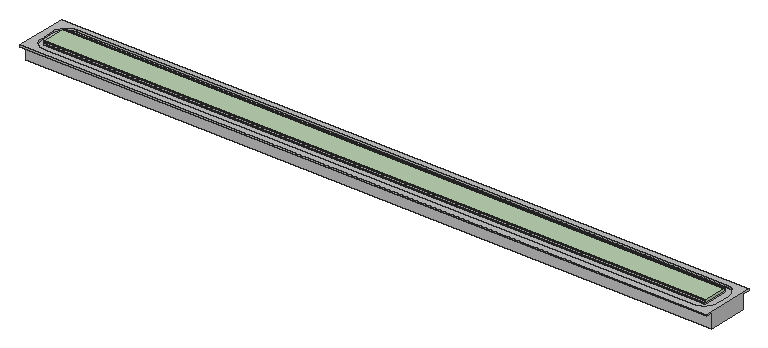
Revit family "Drain-Linear_Tile_Noble_FreeStyle", category Plumbing Fixtures, host Face, Revit 2017
Family settings
  Host = Face
  Round Connector Dimension = Use Diameter
  Part Type = Normal
  OmniClass Number = 23.45.55.21
  OmniClass Title = Drains (Wastes)
  Cut with Voids When Loaded = No
  Shared = No
  Room Calculation Point = No
Parameters (values of type "60in PVC")
  Weight = "10 lbs"
  URL = "www.noblecompany.com"
  Type Comments = ""
  Tile [instance] = Tile
  Product Properties = "http://www.noblecompany.com/Portals/0/PRODUCT%20INFO/Product%20Descriptions/FreeStyle%20Linear%20Drain%20Product%20Decription%200410.pdf"
  Product Data = "http://www.noblecompany.com/Products/ShowerProducts/tabid/59/Default.aspx"
  Plate = Stainless Steel - Brushed
  Model = "Freestyle 60 PVC - Wave"
  Manufacturer Phone - Toll Free = "800-878-5788"
  Manufacturer Phone = "231-799-8000"
  Manufacturer Fax = "231-799-8850"
  Manufacturer Email = "mailto:sales@noblecompany.com"
  Manufacturer Address = "7300 Enterprise Drive, Spring Lake, MI  49456 USA"
  Manufacturer = "Noble Company"
  Installation-Fabrication = "http://www.noblecompany.com/Portals/0/PRODUCT%20INFO/Product%20Descriptions/FreeStyle%20Linear%20Drain%20Product%20Decription%200410.pdf"
  GPM = 0 GPM
  Description = "Freestyle 60 PVC - Wave Linear Drain"
  Building Codes = "http://www.noblecompany.com/Portals/0/TECHNICAL%20INFO/Listing_Testing_Certification_Reports/PMG-1065%20Noble%20Company%20Linear%20Drain%20final%202.pdf"
  Base = PVC
  B = 57 3/4"
  Assembly Code = "D2030300"
  A = 60"
  Default Elevation = 0"
  D = 1 5/8"
  C = 33 3/4"
Types (14): name | Tile | Model | Description | Base | B | A | D | C
  24in ABS | Stainless Steel - Brushed | "Freestyle 24 ABS - Wave" | "Freestyle 24 ABS - Wave Linear Drain" | ABS | 21 3/4" | 24" | 1 1/4" | 15 3/4"
  32in ABS | Stainless Steel - Brushed | "Freestyle 32 ABS - Wave" | "Freestyle 32 ABS - Wave Linear Drain" | ABS | 29 3/4" | 32" | 1 3/8" | 19 1/2"
  36in ABS | Stainless Steel - Brushed | "Freestyle 36 ABS - Wave" | "Freestyle 36 ABS - Wave Linear Drain" | ABS | 33 3/4" | 36" | 1 3/8" | 21 3/4"
  40in ABS | Stainless Steel - Brushed | "Freestyle 40 ABS - Wave" | "Freestyle 40 ABS - Wave Linear Drain" | ABS | 37 3/4" | 40" | 1 7/16" | 23 3/4"
  48in ABS | Stainless Steel - Brushed | "Freestyle 48 ABS - Wave" | "Freestyle 48 ABS - Wave Linear Drain" | ABS | 45 3/4" | 48" | 1 1/2" | 27 3/4"
  54in ABS | Stainless Steel - Brushed | "Freestyle 54 ABS - Wave" | "Freestyle 54 ABS - Wave Linear Drain" | ABS | 51 3/4" | 54" | 1 9/16" | 30 3/4"
  60in ABS | Stainless Steel - Brushed | "Freestyle 60 ABS - Wave" | "Freestyle 60 ABS - Wave Linear Drain" | ABS | 57 3/4" | 60" | 1 5/8" | 33 3/4"
  24in PVC | Stainless Steel - Brushed | "Freestyle 24 PVC - Wave" | "Freestyle 24 PVC - Wave Linear Drain" | PVC | 21 3/4" | 24" | 1 1/4" | 15 3/4"
  32in PVC | Stainless Steel - Brushed | "Freestyle 32 PVC - Wave" | "Freestyle 32 PVC - Wave Linear Drain" | PVC | 29 3/4" | 32" | 1 3/8" | 19 1/2"
  36in PVC | Stainless Steel - Brushed | "Freestyle 36 PVC - Wave" | "Freestyle 36 PVC - Wave Linear Drain" | PVC | 33 3/4" | 36" | 1 3/8" | 21 3/4"
  40in PVC | Stainless Steel - Brushed | "Freestyle 40 PVC - Wave" | "Freestyle 40 PVC - Wave Linear Drain" | PVC | 37 3/4" | 40" | 1 7/16" | 23 3/4"
  48in PVC | Stainless Steel - Brushed | "Freestyle 48 PVC - Wave" | "Freestyle 48 PVC - Wave Linear Drain" | PVC | 45 3/4" | 48" | 1 1/2" | 27 3/4"
  54in PVC | Stainless Steel - Brushed | "Freestyle 54 PVC - Wave" | "Freestyle 54 PVC - Wave Linear Drain" | PVC | 51 3/4" | 54" | 1 9/16" | 30 3/4"
  60in PVC | Tile | "Freestyle 60 PVC - Wave" | "Freestyle 60 PVC - Wave Linear Drain" | PVC | 57 3/4" | 60" | 1 5/8" | 33 3/4"
Reference planes (in)
  plane 1 "Center (Front/Back)": y = 0
  plane 2: z = 0
  plane 3 "Center (Left/Right)": x = 0
  plane 4: z = -1.625
  plane 5: z = -4.05899
  plane 6: z = -1.625
  plane 7: y = 1.6875
  plane 8: y = -1.6875
  plane 9: z = -0.375
  plane 10: y = 2.25
  plane 11: y = -2.25
  plane 12: z = -0.3125
  plane 13: x = 30
  plane 14: x = -30
  plane 15: x = 28.875
  plane 16: x = -3.75
  plane 17: x = -28.875
  plane 18: z = -0.125
Forms (in)
  Extrusion 1, void, detail levels medium+fine
    sketch origin (0, 0, 0) x (1, 0, 0) y (0, 1, 0)
      loop
        circle (-3.75, 0) r 1
    from -60 to 34.55449
  Extrusion 2, solid, material "PVC" <- "Base", detail levels medium+fine
    sketch origin (10.05986, 0, 0) x (0, 1, 0) y (0, 0, 1)
      loop
        line (2.25, -0.375) -> (2.25, -0.25) -> (-2.25, -0.25) -> (-2.25, -0.375) -> (-1.6875, -0.375) -> (-1.6875, -1.625) -> (1.6875, -1.625) -> (1.6875, -0.375) -> (2.25, -0.375)
    from -40.05986 to 19.94014
  Extrusion 3, void
    sketch origin (10.05986, 0, 0) x (1, 0, 0) y (0, 1, 0)
      loop
        arc (-38.37906, 1.769) -> (-39.18512, 1.43512) -> (-39.519, 0.62906) r 1.13994
        line (-39.519, 0.62906) -> (-39.519, -0.63005)
        arc (-39.519, -0.63005) -> (-39.18541, -1.43541) -> (-38.38005, -1.769) r 1.13895
        line (-38.38005, -1.769) -> (18.37931, -1.769)
        arc (18.37931, -1.769) -> (19.18519, -1.43519) -> (19.519, -0.62931) r 1.13969
        line (19.519, -0.62931) -> (19.519, 0.62118)
        arc (19.519, 0.62118) -> (19.18281, 1.43281) -> (18.37118, 1.769) r 1.14782
        line (18.37118, 1.769) -> (-38.37906, 1.769)
    from -0.375 to 0
  Extrusion 4, void
    sketch origin (0, 0, 0) x (1, 0, 0) y (0, 1, 0)
      loop
        line (29, 1.269) -> (-29, 1.269) -> (-29, -1.269) -> (29, -1.269) -> (29, 1.269)
    from -0.125 to 0
  Extrusion 5, void, detail levels fine
    sketch origin (0, 0, 0) x (0, 1, 0) y (0, 0, 1)
      loop
        line (2.25, -0.375) -> (2.25, -0.125) -> (-2.25, -0.125) -> (-2.25, -0.375) -> (-1.6875, -0.375) -> (-1.6875, -1.625) -> (1.6875, -1.625) -> (1.6875, -0.375) -> (2.25, -0.375)
    from -30 to 30
Cuts and joins
  Extrusion 1, Extrusion 3 cuts Extrusion 2
Lines and regions (in)
  model lines, detail levels coarse+medium
    curve 1: line (-3.75, 0, 0) -> (-3.75, 0, -1.625)
  model lines, style "PlumbingFixtures", detail levels coarse
    curve 2: line (-30, 2.25, 0) -> (-30, -2.25, 0)
    curve 3: line (-30, 2.25, 0) -> (30, 2.25, 0)
    curve 4: line (30, 2.25, 0) -> (30, -2.25, 0)
    curve 5: line (-30, -2.25, 0) -> (30, -2.25, 0)
    curve 6: line (30, 0, 0) -> (-30, 0, 0)
Dimensions and locks (in)
  "D": plane 2 to plane 4
  locked: plane 4 to plane 5 at 2.43399
  "D": plane 6 to level
  equal spacing: plane 7, plane 1 "Center (Front/Back)", plane 8, locked at 1.6875 each
  locked: plane 9 to level at 0.375
  plane 7 to plane 8 = 3 3/8"
  locked: plane 10 to plane 7 at 0.5625
  locked: plane 8 to plane 11 at 0.5625
  "A": plane 14 to plane 13
  locked: plane 15 to plane 13 at 1.125
  "C": plane 16 to plane 13
  locked: plane 14 to plane 17 at 1.125
  locked: Extrusion 3 sketch curve to plane 13 at 0.42114
  locked: plane 14 to Extrusion 3 sketch curve at 0.54086
  equal spacing: plane 14, plane 3 "Center (Left/Right)", plane 13
  locked: plane 9 to plane 12 at 0.0625
  locked: level to plane 18 at 0.125
  level to Extrusion 2 sketch curve = 1/4"
  locked: plane 15 to Extrusion 4 sketch curve at 0.125
  locked: Extrusion 4 sketch curve to plane 17 at 0.125
  radius of Extrusion 1 sketch curve = 1"
  aligned and locked: plane 2 to host face
  aligned and locked: level to host face
  aligned and locked: plane 1 "Center (Front/Back)" to Extrusion 1 sketch curve
  aligned and locked: plane 13 to Extrusion 2
  aligned and locked: plane 16 to Extrusion 1 sketch curve
  aligned and locked: plane 10 to Extrusion 5 sketch curve
  aligned and locked: plane 9 to Extrusion 5 sketch curve
  aligned and locked: plane 7 to Extrusion 5 sketch curve
  aligned and locked: plane 4 to Extrusion 5 sketch curve
  aligned and locked: plane 11 to Extrusion 5 sketch curve
  aligned and locked: Extrusion 5 sketch curve to plane 8
  aligned and locked: Extrusion 5 to plane 14
  aligned and locked: plane 13 to Extrusion 5
  aligned and locked: curve 6 to plane 1 "Center (Front/Back)"
  aligned and locked: plane 14 to curve 6
  aligned and locked: plane 13 to curve 6
  aligned and locked: curve 1 to plane 16
  aligned and locked: level to curve 1
  aligned and locked: plane 6 to curve 1
  aligned and locked: Extrusion 2 to plane 14
  aligned and locked: plane 3 "Center (Left/Right)" to nested 1
  aligned and locked: plane 1 "Center (Front/Back)" to nested 1
  aligned and locked: plane 12 to nested 1
  aligned and locked: plane 9 to Extrusion 3
  aligned and locked: Extrusion 4 to plane 18
  aligned and locked: level to Extrusion 4
Automatic sketch dimensions
  host sketch curve to host sketch curve = 48 1/4"
  host sketch curve to host sketch curve = 96"
  plane 9 to Extrusion 2 sketch curve = 0"  (x2)
  Extrusion 2 sketch curve to plane 11 = 0"
  Extrusion 2 sketch curve to plane 4 = 0"
  Extrusion 2 sketch curve to plane 8 = 0"
  Extrusion 2 sketch curve to plane 7 = 0"
  Extrusion 2 sketch curve to plane 10 = 0"
  Extrusion 3 sketch curve to plane 8 = 0.0815"
  plane 17 to Extrusion 3 sketch curve = 0.55481"
  Extrusion 3 sketch curve to plane 7 = 0.0815"
  plane 17 to Extrusion 3 sketch curve = 0.5558"
  Extrusion 3 sketch curve to plane 15 = 0.44396"
  Extrusion 3 sketch curve to plane 15 = 0.43583"
  curve 2 to plane 10 = 0"
  curve 5 to plane 11 = 0"
  plane 9 to Extrusion 5 sketch curve = 0"
  Extrusion 5 sketch curve to plane 18 = 0"
  plane 8 to Extrusion 4 sketch curve = 0.4185"
  plane 7 to Extrusion 4 sketch curve = 0.4185"
Nested families (in)
  nested 1: "Strainer_Wave" at (-12.24848, 0, -0.375), type "24"", detail levels fine
Connectors (in)
  piping at (-3.75, 0, -1.625), diameter 2, driven by "GPM"
    settings: on cut or joined group of Extrusion 1, Extrusion 2, Extrusion 3, index 1, connector inside diameter 2", connector length 0", flow factor 0, pipe flow 0 GPM, pressure drop 0.00 psi, fitting loss kfactor 0, connector angle 0.00°, fixture units 0, engagement length 0", angle of deflection 0.00°, flow configuration 0, flow direction 2, fitting loss method 0, system type 16, joint type 0, gender type 0, connector reference index -1, connector utility 0, adjustable connector no, is connector primary yes, connector description ""
Definition of nested family "Strainer_Wave"
  Parameters
    Tile = none
    Strainer Width = 2 1/4"
    Strainer Height = 5/16"
    Strainer Length = 57 3/4"
    Strainer Finish = none
  Reference planes (in)
    plane 1 "Center (Front/Back)": y = 0
    plane 2: z = 0
    plane 3 "Center (Left/Right)": x = 12.24848
    plane 4 "Left": x = -16.62652
    plane 5 "Right": x = 41.12348
    plane 6: y = 1.125
    plane 7: y = -1.125
    plane 8: z = 0.3125
  Forms (in)
    Extrusion 1, solid, material <- "Strainer Finish"
      sketch origin (12.24848, 0, 0) x (0, 1, 0) y (0, 0, 1)
        loop
          line (1.125, 0.3125) -> (1.06302, 0.3125) -> (1.06302, 0.15625)
          arc (1.06302, 0.15625) -> (1.04564, 0.09963) -> (0.9995, 0.0625) r 0.10095
          line (0.9995, 0.0625) -> (-0.9995, 0.0625)
          arc (-0.9995, 0.0625) -> (-1.04564, 0.09963) -> (-1.06302, 0.15625) r 0.10095
          line (-1.06302, 0.15625) -> (-1.06302, 0.3125) -> (-1.125, 0.3125) -> (-1.125, 0.125)
          arc (-1.125, 0.125) -> (-1.08839, 0.03661) -> (-1, 0) r 0.125
          line (-1, 0) -> (1, 0)
          arc (1, 0) -> (1.08839, 0.03661) -> (1.125, 0.125) r 0.125
          line (1.125, 0.125) -> (1.125, 0.3125)
      from -28.875 to 28.875
    Extrusion 2, solid, material <- "Tile", detail levels medium+fine
      sketch origin (0, 0, 0) x (1, 0, 0) y (0, 1, 0)
        loop
          line (-16.62652, 1.03121) -> (-16.62652, -1.03293) -> (41.12348, -1.03293) -> (41.12348, 1.03121) -> (-16.62652, 1.03121)
      from 0.0625 to 0.3125
  Dimensions and locks (in)
    "Strainer Length": plane 4 "Left" to plane 5 "Right"
    equal spacing: plane 4 "Left", plane 3 "Center (Left/Right)", plane 5 "Right"
    equal spacing: plane 7, plane 1 "Center (Front/Back)", plane 6
    "Strainer Width": plane 6 to plane 7
    "Strainer Height": plane 8 to level
    Extrusion 1 to level = 5/16"
    aligned and locked: plane 8 to Extrusion 1 sketch curve
    aligned and locked: plane 6 to Extrusion 1 sketch curve
    aligned and locked: Extrusion 1 sketch curve to plane 7
    aligned and locked: Extrusion 1 to plane 4 "Left"
    aligned and locked: plane 5 "Right" to Extrusion 1
    aligned and locked: Extrusion 2 sketch curve to plane 5 "Right"
    aligned and locked: plane 4 "Left" to Extrusion 2 sketch curve
  Automatic sketch dimensions
    Extrusion 1 sketch curve to level = 0"
    Extrusion 1 sketch curve to plane 8 = 0"
    plane 7 to Extrusion 1 sketch curve = 0.06198"
    plane 7 to Extrusion 1 sketch curve = 1/8"
    Extrusion 1 sketch curve to Extrusion 1 sketch curve = 0.0005"  (x2)
    Extrusion 1 sketch curve to Extrusion 1 sketch curve = 0.03793"  (x2)
    Extrusion 1 sketch curve to plane 6 = 0.06198"
    Extrusion 1 sketch curve to Extrusion 1 sketch curve = 1/16"
    Extrusion 1 sketch curve to Extrusion 1 sketch curve = 1/32"
    plane 7 to Extrusion 2 sketch curve = 0.09207"
    Extrusion 2 sketch curve to plane 6 = 0.09379"
